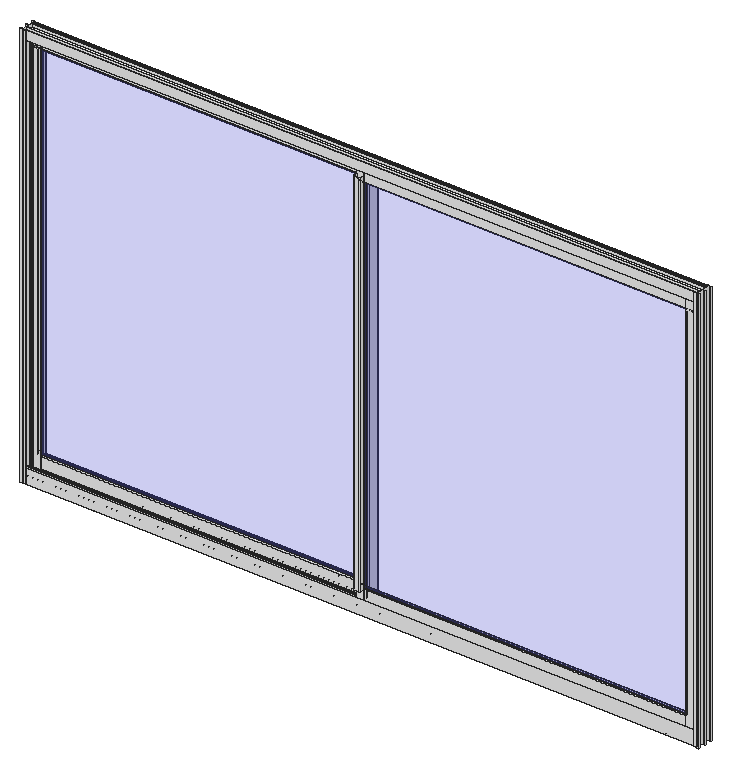
Revit family "Elite_Sliding_Window_XX_Standard", category Windows, host Wall, Revit 2014
Parameters (values of type "Elite-3018XX-1000Pa")
  Windload Design = if(Custom Windload < 1001 mm, 1000 mm, if(Custom Windload < 1501 mm, 1500 mm, 2000 mm))  # 1000 mm
  Width Sash Right [instance] = 1497.9 mm
  Width Sash Left [instance] = 1497.9 mm
  Width = if(Custom Window Width < Limit Window Width Min, Limit Window Width Min, if(Custom Window Width > Limit Window Width Max, Limit Window Width Max, Custom Window Width))  # 2990 mm
  Wall Thickness [instance] = 200 mm
  URL = "http://www.crealco.co.za/crealco-products.php"
  Thermal Resistance (R) [instance] = if(IGDB or SAGDB Number = 1000015, 1.0000 (m²·K)/W / Clearvue U Value, if(IGDB or SAGDB Number = 9922, 1.0000 (m²·K)/W / Energy Advantage U Value, if(IGDB or SAGDB Number = 100100, 1.0000 (m²·K)/W / Intruderprufe U Value, if(IGDB or SAGDB Number = 103200, 1.0000 (m²·K)/W / Intruderprufe LowE U Value, 1.0000 (m²·K)/W / 7.9)))) * 1  # 0.126582 (m²·K)/W
  Standard Interlocker = not(Inside Heavy Duty Interlocker)  # no
  Solar Heat Gain Coefficient [instance] = if(IGDB or SAGDB Number = 1000015, Clearvue SHGC Value, if(IGDB or SAGDB Number = 9922, Energy Advantage SHGC Value, if(IGDB or SAGDB Number = 100100, Intruderprufe SHGC Value, if(IGDB or SAGDB Number = 103200, Intruderprufe LowE SHGC Value, 0))))  # 0
  Sash Width Right = (Width - (2 mm * 12) - Sash Width Left) + 29.8 mm  # 1497.9 mm
  Sash Width Left = if(Equal Sash Width, ((Width - (2 mm * 12)) / 2) + 14.9 mm, if(Custom Sash Width Left < Limit Sash Width Left Min, Limit Sash Width Left Min, if(Custom Sash Width Left > Limit Sash Width Left Max, Limit Sash Width Left Max, Custom Sash Width Left)))  # 1497.9 mm
  Sash Side Spacing = 0.5 mm  # constant formula
  Sash Height = Height - 29 mm - 54 mm  # 1707 mm
  Sash Frame Seal = 2.6 mm  # constant formula
  Rough Width = 2.5 mm
  Overall Width [instance] = 2990 mm
  Overall Height [instance] = 1790 mm
  Outside Heavy Duty Interlocker = if(Interlocker Configuration = 2 mm, 1 = 1, 1 = 0)  # yes
  Model = "Elite"  # constant formula
  Max Pane Area = if(Area Right Sash Glazing > Area Left Sash Glazing, Area Right Sash Glazing, Area Left Sash Glazing)  # 2.31898 m²
  Manufacturer = "Crealco"  # constant formula
  Limit Window Width Min = (2 * Limit Sash Width Min) + (2 mm * 12) - 29.8 mm  # 594.2 mm
  Limit Window Width Max = if(Windload Design = 1000 mm, (2 * Limit Sash Width Max) + (2 mm * 12) - 29.8 mm, if(Windload Design = 1500 mm, if(Custom Window Height > 1490 mm, 1490 mm, (2 * Limit Sash Width Max) + (2 mm * 12) - 29.8 mm), if(Custom Window Height > 1490 mm, 890 mm, (2 * Limit Sash Width Max) + (2 mm * 12) - 29.8 mm)))  # 2994.2 mm
  Limit Window Height Min = Limit Sash Height Min + (29 mm + 54 mm)  # 383 mm
  Limit Window Height Max = if(Windload Design = 1000 mm, Limit Sash Height Max + (29 mm + 54 mm), if(Windload Design = 1500 mm, if(and(Custom Window Width > 1490 mm, Custom Window Height > 1490 mm), 1490 mm, Limit Sash Height Max + (29 mm + 54 mm)), if(and(Custom Window Width > 890 mm, Custom Window Height > 1490 mm), 1490 mm, Limit Sash Height Max + (29 mm + 54 mm))))  # 1883 mm
  Limit Sash Width Min = 300 mm  # constant formula
  Limit Sash Width Max = 1500 mm  # constant formula
  Limit Sash Width Left Min = if(Width - (2 mm * 12) - Limit Sash Width Max + 29.8 mm < Limit Sash Width Min, Limit Sash Width Min, Width - (2 mm * 12) - Limit Sash Width Max + 29.8 mm)  # 1495.8 mm
  Limit Sash Width Left Max = if(Width - (2 mm * 12) - Limit Sash Width Min + 29.8 mm > Limit Sash Width Max, Limit Sash Width Max, Width - (2 mm * 12) - Limit Sash Width Min + 29.8 mm)  # 1500 mm
  Limit Sash Height Min = 300 mm  # constant formula
  Limit Sash Height Max = 1800 mm  # constant formula
  Intruderprufe U Value = 6.21
  Intruderprufe SHGC Value = 0.675
  Intruderprufe LowE U Value = 4.47
  Intruderprufe LowE SHGC Value = 0.592
  Interlocker Configuration = if(Windload Design = 1000 mm, if(or(not(Height > 890 mm), or(and(not(Height > 1190 mm), not(Width > 2690 mm)), and(not(Height > 1490 mm), not(Width > 890 mm)))), 0 mm, if(and(Height > 1490 mm, Width > 1190 mm), 2 mm, 1 mm)), if(Windload Design = 1500 mm, if(or(and(not(Width > 1190 mm), not(Height > 1190 mm)), not(Height > 890 mm)), 0 mm, if(or(and(Width > 1790 mm, Height > 1190 mm), and(Width > 890 mm, Height > 1490 mm)), 2 mm, 1 mm)), if(or(not(Height > 890 mm), and(not(Width > 890 mm), not(Height > 1190 mm))), 0 mm, if(or(Height > 1490 mm, and(Width > 1190 mm, Height > 1190 mm)), 2 mm, 1 mm))))  # 2 mm
  IGDB or SAGDB Number [instance] = 0
  Height Sash [instance] = 1707 mm
  Inside Heavy Duty Interlocker = if(or(Interlocker Configuration = 1 mm, Interlocker Configuration = 2 mm), 1 = 1, 1 = 0)  # yes
  Height = if(Custom Window Height < Limit Window Height Min, Limit Window Height Min, if(Custom Window Height > Limit Window Height Max, Limit Window Height Max, Custom Window Height))  # 1790 mm
  Heat Transfer Coefficient (U) [instance] = if(IGDB or SAGDB Number = 1000015, Clearvue U Value, if(IGDB or SAGDB Number = 9922, Energy Advantage U Value, if(IGDB or SAGDB Number = 100100, Intruderprufe U Value, if(IGDB or SAGDB Number = 103200, Intruderprufe LowE U Value, 7.9)))) * 1.0000 W/(m²·K)  # 7.9000 W/(m²·K)
  Glazing Thickness [instance] = if(IGDB or SAGDB Number = 1000015, 4 mm, if(IGDB or SAGDB Number = 9922, 4 mm, if(IGDB or SAGDB Number = 100100, 6 mm, if(IGDB or SAGDB Number = 103200, 7 mm, if(not(Max Pane Area > 0.75 m²), 4 mm, if(not(Max Pane Area > 1.50 m²), 4 mm, if(not(Max Pane Area > 2.10 m²), 5 mm, if(not(Max Pane Area > 2.90 m²), 6.4 mm, if(not(Max Pane Area > 4.30 m²), 8 mm, 10 mm)))))))))  # 6.4 mm
  Glazing Material [instance] = if(IGDB or SAGDB Number = 1000015, "PFG CLEARVUE 4mm", if(IGDB or SAGDB Number = 9922, "PFG ENERGY ADVANTAGE 4mm LOW-E", if(IGDB or SAGDB Number = 100100, "PFG INTRUDERPRUFE 6.38mm", if(IGDB or SAGDB Number = 103200, "PFG INTRUDERPRUFE LOW-E 7.38mm", "Unknown"))))  # "Unknown"
  Glazing Finish [instance] = Glass
  Glazing Code [instance] = if(IGDB or SAGDB Number = 1000015, "CF4", if(IGDB or SAGDB Number = 9922, "CF4E", if(IGDB or SAGDB Number = 100100, "LAM01", if(IGDB or SAGDB Number = 103200, "LAM01E", "Unknown"))))  # "Unknown"
  Frame Thickness = 70.3 mm  # constant formula
  Frame Offset From Exterior [instance] = if(Centered In Wall, (Wall Thickness - Frame Thickness) / 2, Custom Frame Offset From Exterior)  # 64.85 mm
  Equal Sash Width = yes
  Energy Advantage U Value = 4.6
  Energy Advantage SHGC Value = 0.637
  Description = "Sliding window, XX"  # constant formula
  Default Sill Height = 800 mm
  Wall Closure = By host
  Custom Window Width = 2990 mm
  Custom Window Height = 1790 mm
  Custom Windload = 1000 mm
  Custom Sash Width Left = 600 mm
  Custom Frame Offset From Exterior = 0 mm
  Clearvue U Value = 6.34
  Clearvue SHGC Value = 0.711
  Centered In Wall = yes
  Area Right Sash Glazing = (Sash Width Right - 21 mm - 41 mm) * (Sash Height - (46 mm * 2))  # 2.31898 m²
  Area Left Sash Glazing = (Sash Width Left - 21 mm - 41 mm) * (Sash Height - (46 mm * 2))  # 2.31898 m²
  Aluminium Finish [instance] = White Powder Coated Aluminium ANP 1052
  All Available Glazing Numbers [instance] = "The rows below list the available glazing materials for this window:"  # constant formula
  9922 [instance] = "CF4E"  # constant formula
  103200 [instance] = "LAM01E"  # constant formula
  100100 [instance] = "LAM01"  # constant formula
  1000015 [instance] = "CF4"  # constant formula
Reference planes
  plane 1 "Center (Front/Back)": y = 0
  plane 2 "Center (Left/Right)": x = 0
  plane 3 "Left": x = -1495
  plane 4 "Right": x = 1495
  plane 5 "Sill": z = 800
  plane 6 "Head": z = 2590
  plane 7 "Exterior": y = 100
  plane 8 "Interior": y = -100
Lines and regions (mm)
  Opening 1
    outline origin (3500, -100, 0) x (1, 0, 0) y (0, 0, 1)
      loop
        line (-2005, 800) -> (-2005, 2590) -> (-4995, 2590) -> (-4995, 800) -> (-2005, 800)
Text (mm)
  text "EXTERIOR" at (-1963.203, 1332.353, 0), in view "Ref. Level"
  text "INTERIOR" at (-1981.466, -818.386, 0), in view "Ref. Level"
  text "Exterior" at (0, 923.751, 2943.296), in view "Right"
  text "Exterior" at (0, 1040.484, 2685.409), in view "Left"
Dimensions and locks
  equal spacing: plane 3 "Left", plane 2 "Center (Left/Right)", plane 4 "Right"
  "Width": plane 3 "Left" to plane 4 "Right"
  "Height": plane 5 "Sill" to plane 6 "Head"
  "Default Sill Height": plane 5 "Sill" to level
  locked: plane 7 "Exterior" to host wall at 0
  locked: plane 8 "Interior" to host wall
  "Overall Height": plane 6 "Head" to plane 5 "Sill"
  "Overall Width": plane 3 "Left" to plane 4 "Right"
  locked: host wall to nested 1 at 35.15
  "Sash Frame Seal": nested 1 to nested 2
  "Sash Frame Seal": nested 1 to nested 3
  "Sash Side Spacing": nested 1 to nested 3
  "Sash Side Spacing": nested 2 to nested 1
  "Width Sash Left": nested 2 to nested 2
  "Height Sash": nested 2 to nested 2
  "Width Sash Right": nested 3 to nested 3
  "Wall Thickness": host wall to host wall
  aligned and locked: nested 1 to plane 6 "Head"
  aligned and locked: nested 1 to plane 3 "Left"
  aligned and locked: nested 3 to nested 1
  aligned and locked: nested 2 to nested 1
Automatic sketch dimensions
  plane 3 "Left" to Opening 1 sketch curve = 0 mm
  plane 4 "Right" to Opening 1 sketch curve = 0 mm
  Opening 1 sketch curve to plane 5 "Sill" = 0 mm
  Opening 1 sketch curve to plane 6 "Head" = 0 mm
Nested families
  nested 1: "Elite_Frame_XX_Std" at (1495, -35.15, 800), Profile Material <- "Aluminium Finish", Width <- "Width", Height <- "Height", type "Elite_Frame_XX_Std"
    with Width 2990 mm, Profile Material White Powder Coated Aluminium ANP 1052, Length Jamb 1790 mm, Length Head & Sill 2967 mm, Height 1790 mm
  nested 2: "Elite_Sash_Inner_XX_Std" at (1483, -30.5, 854), Profile Material <- "Aluminium Finish", Glazing Material <- "Glazing Finish", Sash Width <- "Sash Width Left", Sash Height <- "Sash Height", Glazing Thickness <- "Glazing Thickness", Is Heavy Duty Interlocker <- "Inside Heavy Duty Interlocker", type "Elite_Sash_Inner_XX_Std"
    with Sash Width 1497.9 mm, Sash Height 1707 mm, Right Sliding yes, Profile Material White Powder Coated Aluminium ANP 1052, Length Sash Head & Sill 1481.9 mm, Length Arrow Tip 141.141 mm, Length Arrow 465.767 mm, Left Sliding no, Is Standard Interlocker no, Is Sliding yes, Is Heavy Duty Interlocker yes, Glazing Width 1435.9 mm, Glazing Thickness 6.4 mm, Glazing Start -3.2 mm, Glazing Material Glass, Glazing Height 1615 mm, Glazing Frame Side Gap 1.8 mm, Glazing End 3.2 mm, Arrow Tip Length 141.141 mm, Arrow Left Gap 485.067 mm, Arrow Bottom Gap 807.5 mm
  nested 3: "Elite_Sash_Outer_XX_Std" at (-1483, 30.2, 854) x (-1, 0, 0) z (0, 0, 1), Profile Material <- "Aluminium Finish", Glazing Material <- "Glazing Finish", Glazing Thickness <- "Glazing Thickness", Sash Width <- "Sash Width Right", Sash Height <- "Sash Height", Is Heavy Duty Interlocker <- "Outside Heavy Duty Interlocker", type "Elite_Sash_Outer_XX_Std"
    with Sash Width 1497.9 mm, Sash Height 1707 mm, Right Sliding yes, Profile Material White Powder Coated Aluminium ANP 1052, Length Sash Head & Sill 1481.9 mm, Length Arrow Tip 141.141 mm, Length Arrow 465.767 mm, Left Sliding no, Is Standard Interlocker no, Is Sliding yes, Is Heavy Duty Interlocker yes, Glazing Width 1435.9 mm, Glazing Thickness 6.4 mm, Glazing Start -3.2 mm, Glazing Material Glass, Glazing Height 1615 mm, Glazing Frame Side Gap 1.8 mm, Glazing End 3.2 mm, Arrow Tip Length 141.141 mm, Arrow Left Gap 485.067 mm, Arrow Bottom Gap 807.5 mm
Definition of nested family "Elite_Frame_XX_Std"
  Parameters (values of type "Elite_Frame_OX_XX")
    Width [instance] = 900 mm
    Profile Material [instance] = none
    Length Jamb [instance] = Height  # 900 mm
    Length Head & Sill [instance] = Width - 2 * 11.5 mm  # 877 mm
    Height [instance] = 900 mm
  Reference planes
    plane 1 "Center (Front/Back)": y = 0
    plane 2: z = 0
    plane 3 "Center (Left/Right)": x = 0
  Dimensions and locks
    aligned and locked: level to plane 2
    aligned and locked: nested 2 to plane 2
    aligned and locked: plane 3 "Center (Left/Right)" to nested 2
    aligned and locked: plane 1 "Center (Front/Back)" to nested 2
    aligned and locked: nested 1 to nested 2  (x2)
    aligned and locked: nested 2 to nested 3
    aligned and locked: nested 2 to nested 1
    aligned and locked: nested 4 to plane 1 "Center (Front/Back)"
    aligned and locked: nested 4 to nested 1
    aligned and locked: plane 2 to nested 4
    aligned and locked: nested 3 to nested 2
    aligned and locked: nested 3 to nested 4
  Nested families
    nested 1: "Elite_Frame_Sill" at (-11.5, 68.5, 0) x (-1, 0, 0) z (0, 0, 1), Profile Material <- "Profile Material", Length Frame Sill <- "Length Head & Sill", type "Elite_Frame_Sill"
      with Profile Material none, Length Frame Sill 877 mm
    nested 2: "Elite_Frame_Jamb_Mirror" at (-24.5, 70.3, 0) x (0, -1, 0) z (0, 0, 1), Profile Material <- "Profile Material", Length Frame Jamb <- "Length Jamb", type "Elite_Frame_Jamb_Mirror"
      with Profile Material none, Length Frame Jamb 900 mm
    nested 3: "Elite_Frame_Head" at (-888.5, 1.5, 759.46), Profile Material <- "Profile Material", Length Frame Head <- "Length Head & Sill", type "Elite_Frame_Head"
      with Profile Material none, Length Frame Head 877 mm
    nested 4: "Elite_Frame_Jamb" at (-875.5, 70.3, 0) x (0, -1, 0) z (0, 0, 1), Profile Material <- "Profile Material", Length Frame Jamb <- "Length Jamb", type "Elite_Frame_Jamb"
      with Profile Material none, Length Frame Jamb 900 mm
  Definition of nested family "Elite_Frame_Sill"
    Parameters (values of type "Elite_Frame_Sill")
      Profile Material [instance] = none
      Length Frame Sill [instance] = 250 mm
    Reference planes
      plane 1 "Center (Front/Back)": y = 0
      plane 2: z = 0
      plane 3 "Center (Left/Right)": x = 0
    Forms (mm)
      Extrusion 1, solid, material <- "Profile Material"
        sketch origin (0, 0, 0) x (0, 1, 0) y (0, 0, 1)
          loop
            line (20.5, 61.807) -> (15.922, 62.99) -> (11.5, 61.805) -> (11.5, 54) -> (12.9, 54) -> (12.9, 60.734) -> (16.078, 61.54) -> (19.1, 60.731) -> (19.1, 37) -> (12.88, 36.997) -> (0, 35.262) -> (0, 11.5) -> (1.4, 11.5) -> (1.4, 15) -> (12, 15) -> (12, 0) -> (17, 0) -> (17, 1) -> (13.4, 1) -> (13.4, 5) -> (17, 5) -> (17, 6) -> (13.4, 6) -> (13.4, 18.532) -> (65.6, 20.009) -> (65.6, 6) -> (62, 6) -> (62, 5) -> (65.6, 5) -> (65.6, 1) -> (62, 1) -> (62, 0) -> (67, 0) -> (67, 63) -> (65.6, 63) -> (65.6, 37) -> (55.5, 37) -> (55.5, 61.807) -> (50.922, 62.99) -> (46.5, 61.805) -> (46.5, 54) -> (47.9, 54) -> (47.9, 60.734) -> (51.078, 61.54) -> (54.1, 60.731) -> (54.1, 37) -> (20.5, 37) -> (20.5, 61.807)
          loop
            line (65.6, 35.6) -> (12.994, 35.6) -> (1.4, 34.038) -> (1.4, 16.4) -> (12, 16.4) -> (12, 19.893) -> (65.6, 21.409) -> (65.6, 35.6)
        from 0 to 250 <- "Length Frame Sill"
    Dimensions and locks
      aligned and locked: level to plane 2
  Definition of nested family "Elite_Frame_Jamb_Mirror"
    Parameters (values of type "Elite_Frame_Jamb_Mirror")
      Void Spacing Top = 13 mm  # constant formula
      Void Spacing Bottom = 38 mm  # constant formula
      Void Cut Length = 13 mm  # constant formula
      Profile Material [instance] = none
      Length Frame Jamb [instance] = 250 mm
    Reference planes
      plane 1 "Center (Front/Back)": y = 0
      plane 2: z = 0
      plane 3 "Center (Left/Right)": x = 0
    Forms (mm)
      Extrusion 1, solid, material <- "Profile Material"
        sketch origin (-5.594, -3.252, 0) x (1, 0, 0) y (0, 1, 0)
          loop
            line (74.394, 26.252) -> (74.394, 17.752) -> (41.394, 17.752) -> (41.394, 27.752) -> (40.094, 27.752) -> (40.094, 17.752) -> (7.094, 17.752) -> (7.094, 26.252) -> (12.594, 26.252) -> (12.594, 27.752) -> (5.594, 27.752) -> (5.594, 3.252) -> (7.094, 3.252) -> (7.094, 16.252) -> (49.743, 16.252) -> (49.743, 10.75) -> (52.03, 3.252) -> (53.599, 3.252) -> (50.994, 11.791) -> (50.994, 16.252) -> (65.494, 16.252) -> (65.494, 11.791) -> (62.888, 3.252) -> (64.457, 3.252) -> (66.744, 10.793) -> (66.744, 16.252) -> (74.394, 16.252) -> (74.394, 3.252) -> (75.894, 3.252) -> (75.894, 27.752) -> (68.894, 27.752) -> (68.894, 26.252) -> (74.394, 26.252)
        from 0 to 250 <- "Length Frame Jamb"
      Extrusion 2, void
        sketch origin (70.3, 0, 0) x (1, 0, 0) y (0, 0, -1)
          loop
            line (-26.151, -237) -> (-26.151, -250) -> (-9.15, -250) -> (-9.15, -237) -> (-26.151, -237)
          loop
            line (-26.151, -38) -> (-9.15, -38) -> (-9.15, 0) -> (-26.151, 0) -> (-26.151, -38)
        from 0 to 13 <- "Void Cut Length"
    Cuts and joins
      Extrusion 2 cuts Extrusion 1
    Dimensions and locks
      "Void Spacing Top": Extrusion 2 sketch curve to Extrusion 2 sketch curve
      "Void Spacing Bottom": Extrusion 2 sketch curve to Extrusion 2 sketch curve
      aligned and locked: level to plane 2
      aligned and locked: Extrusion 1 to Extrusion 2 sketch curve  (x2)
      aligned and locked: Extrusion 2 sketch curve to Extrusion 1
      aligned and locked: Extrusion 2 sketch curve to cut or joined group of Extrusion 1, Extrusion 2  (x3)
    Automatic sketch dimensions
      Extrusion 1 sketch curve to plane 3 "Center (Left/Right)" = 0 mm
      plane 1 "Center (Front/Back)" to Extrusion 1 sketch curve = 0 mm  (x4)
      plane 3 "Center (Left/Right)" to Extrusion 1 sketch curve = 1.5 mm  (x2)
      Extrusion 1 sketch curve to Extrusion 1 sketch curve = 5.5 mm  (x2)
      Extrusion 1 sketch curve to Extrusion 1 sketch curve = 27.5 mm
      Extrusion 1 sketch curve to Extrusion 1 sketch curve = 1.3 mm
      Extrusion 1 sketch curve to Extrusion 1 sketch curve = 8.349 mm
      Extrusion 1 sketch curve to Extrusion 1 sketch curve = 1.251 mm
      Extrusion 1 sketch curve to Extrusion 1 sketch curve = 2.288 mm
      Extrusion 1 sketch curve to Extrusion 1 sketch curve = 1.568 mm
      Extrusion 1 sketch curve to Extrusion 1 sketch curve = 9.29 mm
      Extrusion 1 sketch curve to Extrusion 1 sketch curve = 1.569 mm
      Extrusion 1 sketch curve to Extrusion 1 sketch curve = 1.037 mm
      Extrusion 1 sketch curve to Extrusion 1 sketch curve = 1.25 mm
      Extrusion 1 sketch curve to Extrusion 1 sketch curve = 2.15 mm
      Extrusion 1 sketch curve to Extrusion 1 sketch curve = 0 mm  (x3)
      Extrusion 1 sketch curve to Extrusion 1 sketch curve = 1.5 mm  (x5)
      Extrusion 1 sketch curve to plane 1 "Center (Front/Back)" = 7.498 mm
      Extrusion 1 sketch curve to plane 1 "Center (Front/Back)" = 7.54 mm
      Extrusion 1 sketch curve to Extrusion 1 sketch curve = 0.998 mm
      Extrusion 1 sketch curve to Extrusion 1 sketch curve = 1.041 mm
      Extrusion 1 sketch curve to Extrusion 1 sketch curve = 4.461 mm
      Extrusion 1 sketch curve to Extrusion 1 sketch curve = 8.5 mm  (x2)
      Extrusion 1 sketch curve to Extrusion 1 sketch curve = 10 mm
  Definition of nested family "Elite_Frame_Head"
    Parameters (values of type "Elite_Frame_Head")
      Profile Material [instance] = none
      Length Frame Head [instance] = 250 mm
    Reference planes
      plane 1 "Center (Front/Back)": y = 0
      plane 2: z = 0
      plane 3 "Center (Left/Right)": x = 0
    Forms (mm)
      Extrusion 1, solid, material <- "Profile Material"
        sketch origin (0, 0, 0) x (0, 1, 0) y (0, 0, 1)
          loop
            line (11.5, 102.54) -> (20.5, 102.54) -> (20.5, 111.54) -> (19.1, 111.54) -> (19.1, 103.94) -> (12.9, 103.94) -> (12.9, 128.64) -> (54.1, 128.64) -> (54.1, 103.94) -> (47.9, 103.94) -> (47.9, 111.54) -> (46.5, 111.54) -> (46.5, 102.54) -> (55.5, 102.54) -> (55.5, 128.64) -> (65.5, 128.64) -> (65.5, 102.54) -> (67, 102.54) -> (67, 140.54) -> (61.65, 140.54) -> (61.65, 139.14) -> (65.5, 139.14) -> (65.5, 130.04) -> (49.298, 130.04) -> (49.298, 140.54) -> (47.9, 140.54) -> (47.9, 130.04) -> (19.1, 130.04) -> (19.1, 140.54) -> (17.7, 140.54) -> (17.7, 130.04) -> (1.5, 130.04) -> (1.5, 139.14) -> (5.35, 139.14) -> (5.35, 140.54) -> (0, 140.54) -> (0, 102.54) -> (1.5, 102.54) -> (1.5, 128.64) -> (11.5, 128.64) -> (11.5, 102.54)
        from 0 to 250 <- "Length Frame Head"
    Dimensions and locks
      aligned and locked: level to plane 2
  Definition of nested family "Elite_Frame_Jamb"
    Parameters (values of type "Elite_Frame_Jamb")
      Void Spacing Top = 13 mm  # constant formula
      Void Spacing Bottom = 38 mm  # constant formula
      Void Cut Length = 13 mm  # constant formula
      Profile Material [instance] = none
      Length Frame Jamb [instance] = 250 mm
    Reference planes
      plane 1 "Center (Front/Back)": y = 0
      plane 2: z = 0
      plane 3 "Center (Left/Right)": x = 0
    Forms (mm)
      Extrusion 1, solid, material <- "Profile Material"
        sketch origin (-5.594, -3.252, 0) x (1, 0, 0) y (0, 1, 0)
          loop
            line (7.094, 26.252) -> (12.594, 26.252) -> (12.594, 27.752) -> (5.594, 27.752) -> (5.594, 3.252) -> (7.094, 3.252) -> (7.094, 16.252) -> (14.744, 16.252) -> (14.744, 10.793) -> (17.03, 3.252) -> (18.599, 3.252) -> (15.994, 11.791) -> (15.994, 16.252) -> (30.494, 16.252) -> (30.494, 11.791) -> (27.888, 3.252) -> (29.457, 3.252) -> (31.744, 10.75) -> (31.744, 16.252) -> (74.394, 16.252) -> (74.394, 3.252) -> (75.894, 3.252) -> (75.894, 27.752) -> (68.894, 27.752) -> (68.894, 26.252) -> (74.394, 26.252) -> (74.394, 17.752) -> (41.394, 17.752) -> (41.394, 27.752) -> (40.094, 27.752) -> (40.094, 17.752) -> (7.094, 17.752) -> (7.094, 26.252)
        from 0 to 250 <- "Length Frame Jamb"
      Extrusion 2, void
        sketch origin (68.8, 0, 0) x (-1, 0, 0) y (0, 0, 1)
          loop
            line (59.65, 250) -> (42.649, 250) -> (42.649, 237) -> (59.65, 237) -> (59.65, 250)
          loop
            line (42.649, 0) -> (59.65, 0) -> (59.65, 38) -> (42.649, 38) -> (42.649, 0)
        from 0 to 13 <- "Void Cut Length"
    Cuts and joins
      Extrusion 2 cuts Extrusion 1
    Dimensions and locks
      "Void Spacing Bottom": Extrusion 2 sketch curve to Extrusion 2 sketch curve
      "Void Spacing Top": Extrusion 2 sketch curve to Extrusion 2 sketch curve
      aligned and locked: level to plane 2
      aligned and locked: Extrusion 2 sketch curve to Extrusion 1  (x6)
    Automatic sketch dimensions
      plane 1 "Center (Front/Back)" to Extrusion 1 sketch curve = 0 mm  (x4)
      Extrusion 1 sketch curve to plane 3 "Center (Left/Right)" = 0 mm
      plane 3 "Center (Left/Right)" to Extrusion 1 sketch curve = 1.5 mm  (x2)
      Extrusion 1 sketch curve to Extrusion 1 sketch curve = 5.5 mm  (x2)
      Extrusion 1 sketch curve to Extrusion 1 sketch curve = 7.65 mm
      Extrusion 1 sketch curve to Extrusion 1 sketch curve = 1.25 mm
      Extrusion 1 sketch curve to Extrusion 1 sketch curve = 2.287 mm
      Extrusion 1 sketch curve to Extrusion 1 sketch curve = 1.569 mm
      Extrusion 1 sketch curve to Extrusion 1 sketch curve = 9.29 mm
      Extrusion 1 sketch curve to Extrusion 1 sketch curve = 1.568 mm
      Extrusion 1 sketch curve to Extrusion 1 sketch curve = 1.037 mm
      Extrusion 1 sketch curve to plane 1 "Center (Front/Back)" = 7.498 mm
      Extrusion 1 sketch curve to Extrusion 1 sketch curve = 1.251 mm
      Extrusion 1 sketch curve to Extrusion 1 sketch curve = 8.349 mm
      Extrusion 1 sketch curve to Extrusion 1 sketch curve = 1.3 mm
      Extrusion 1 sketch curve to Extrusion 1 sketch curve = 27.5 mm
      Extrusion 1 sketch curve to Extrusion 1 sketch curve = 0 mm  (x3)
      Extrusion 1 sketch curve to Extrusion 1 sketch curve = 1.5 mm  (x5)
      Extrusion 1 sketch curve to plane 1 "Center (Front/Back)" = 7.54 mm
      Extrusion 1 sketch curve to Extrusion 1 sketch curve = 0.998 mm
      Extrusion 1 sketch curve to Extrusion 1 sketch curve = 1.041 mm
      Extrusion 1 sketch curve to Extrusion 1 sketch curve = 4.461 mm
      Extrusion 1 sketch curve to Extrusion 1 sketch curve = 8.5 mm  (x2)
      Extrusion 1 sketch curve to Extrusion 1 sketch curve = 10 mm
Definition of nested family "Elite_Sash_Inner_XX_Std"
  Parameters (values of type "Elit_Sash_Inner")
    Top&Bottom Side Spacing = 14.5 mm  # constant formula
    Sash Width [instance] = 1500 mm
    Sash Height [instance] = 1200 mm
    Right Sliding [instance] = yes
    Profile Material [instance] = White Powder Coated Aluminium ANP 1052
    Overlap Gap = 1.4 mm  # constant formula
    Middle of Glazing = 13 mm  # constant formula
    Length Sash Head & Sill [instance] = Sash Width - 14.5 mm - 1.5 mm  # 1484 mm
    Length Arrow Tip [instance] = Length Arrow / 3.3  # 141.354 mm
    Length Arrow [instance] = (Sash Width - (2 * 50.3 mm)) / 3  # 466.467 mm
    Left Sliding [instance] = yes
    Is Standard Interlocker [instance] = not(Is Heavy Duty Interlocker)  # no
    Is Sliding [instance] = if(or(Right Sliding, Left Sliding), 1 = 1, 1 = 2)  # yes
    Is Heavy Duty Interlocker [instance] = yes
    Glazing Width [instance] = Sash Width - 21 mm - 41 mm  # 1438 mm
    Glazing Thickness [instance] = 6.4 mm
    Glazing Start [instance] = -Glazing Thickness / 2  # -3.2 mm
    Glazing Side Spacing = 41 mm  # constant formula
    Glazing Profile Gap = 459.05 mm
    Glazing Material [instance] = Glass
    Glazing Height [instance] = Sash Height - (46 mm * 2)  # 1108 mm
    Glazing Frame Side Gap [instance] = (10 mm - Glazing Thickness) / 2  # 1.8 mm
    Glazing Frame Gap = 5 mm  # constant formula
    Glazing End [instance] = Glazing Thickness / 2  # 3.2 mm
    Glazing Edge Interlocker Gap = 17 mm  # constant formula
    Glazing Edge Bottom and Top Gap = 46 mm  # constant formula
    Arrow Tip Length [instance] = if((Sash Height - (2 * 50.3 mm)) / 8 > Length Arrow / 3.3, Length Arrow / 3.3, (Sash Height - (2 * 50.3 mm)) / 8)  # 137.425 mm
    Arrow Tip Angle = 45.00°
    Arrow Left Gap [instance] = (Sash Width - 21 mm - 41 mm - Length Arrow) / 2  # 485.767 mm
    Arrow Bottom Gap [instance] = Sash Height / 2 - 46 mm  # 554 mm
    1.5 Spacing = 1.5 mm  # constant formula
  Reference planes
    plane 1 "Center (Front/Back)": y = 0
    plane 2: z = 0
    plane 3 "Center (Left/Right)": x = 0
    plane 4: y = -13
  Forms (mm)
    Extrusion 1, solid, material "Glass" <- "Glazing Material"
      sketch origin (-1492.688, -13, 1709.9) x (-1, 0, 0) y (0, 0, 1)
        loop
          line (-13.688, -555.9) -> (-1451.688, -555.9) -> (-1451.688, -1663.9) -> (-13.688, -1663.9) -> (-13.688, -555.9)
      from -3.2 <- "Glazing Start" to 3.2 <- "Glazing End"
  Lines and regions (mm)
    model lines, visible <- "Is Sliding"
      curve 1: line (-993.233, -16.2, 600) -> (-526.767, -16.2, 600)
    model lines, visible <- "Left Sliding"
      curve 2: line (-526.767, -16.2, 600) -> (-623.941, -16.2, 697.174)
      curve 3: line (-526.767, -16.2, 600) -> (-623.941, -16.2, 502.826)
    model lines, visible <- "Right Sliding"
      curve 4: line (-993.233, -16.2, 600) -> (-893.281, -16.2, 699.952)
      curve 5: line (-993.233, -16.2, 600) -> (-893.281, -16.2, 500.048)
  Dimensions and locks
    "Length Arrow": curve 1 to curve 1
    "Arrow Left Gap": Extrusion 1 to curve 1
    "Arrow Bottom Gap": Extrusion 1 to curve 1
    "Arrow Tip Length": curve 3 to curve 2
    "Arrow Tip Length": curve 3 to curve 3
    "Length Arrow Tip": curve 5 to curve 5
    "Length Arrow Tip": curve 5 to curve 4
    "Middle of Glazing": plane 4 to plane 1 "Center (Front/Back)"
    "Glazing Width": Extrusion 1 to Extrusion 1
    "Glazing Height": Extrusion 1 to Extrusion 1
    "Sash Width": nested 2 to plane 3 "Center (Left/Right)"
    "Glazing Side Spacing": Extrusion 1 to plane 3 "Center (Left/Right)"
    "1.5 Spacing": nested 3 to plane 1 "Center (Front/Back)"
    "Top&Bottom Side Spacing": nested 3 to plane 3 "Center (Left/Right)"
    "Top&Bottom Side Spacing": nested 4 to plane 3 "Center (Left/Right)"
    "1.5 Spacing": nested 4 to plane 1 "Center (Front/Back)"
    "Sash Height": nested 3 to plane 2
    "Glazing Edge Bottom and Top Gap": plane 2 to Extrusion 1
    "Sash Width": nested 5 to plane 3 "Center (Left/Right)"
    "Arrow Tip Angle": angle curve 3 to curve 1
    "Arrow Tip Angle": angle curve 1 to curve 2
    "Arrow Tip Angle": angle curve 4 to curve 1
    "Arrow Tip Angle": angle curve 1 to curve 5
    aligned and locked: level to plane 2
    aligned and locked: plane 3 "Center (Left/Right)" to nested 1
    aligned and locked: nested 1 to plane 2
    aligned and locked: nested 4 to plane 2
    aligned and locked: nested 2 to plane 2
    aligned and locked: nested 2 to plane 1 "Center (Front/Back)"
    aligned and locked: nested 5 to plane 1 "Center (Front/Back)"
    aligned and locked: nested 5 to plane 2
  Automatic sketch dimensions
    Extrusion 1 sketch curve to Extrusion 1 sketch curve = 1108 mm
    level to Extrusion 1 sketch curve = 46 mm
    Extrusion 1 sketch curve to plane 3 "Center (Left/Right)" = 41 mm
    Extrusion 1 sketch curve to Extrusion 1 sketch curve = 1438 mm
  Nested families
    nested 1: "Elite_Lock_Stile" at (0, -26, 0) x (0, 1, 0) z (0, 0, 1), Profile Material <- "Profile Material", Length Lock Stile <- "Sash Height", type "Elite_Lock_Stile"
      with Profile Material White Powder Coated Aluminium ANP 1052, Length Lock Stile 1200 mm
    nested 2: "Elite_Interlocker" at (-1506.667, 6.916, 0) x (0, -1, 0) z (0, 0, 1), Profile Material <- "Profile Material", Length Interlocker <- "Sash Height", visible <- "Is Standard Interlocker", type "Elite_Interlocker"
      with Profile Material White Powder Coated Aluminium ANP 1052, Length Interlocker 1200 mm
    nested 3: "Elite_Sash_Top" at (-1498.5, -24.2, 1052), Profile Material <- "Profile Material", Length Sash Top <- "Length Sash Head & Sill", type "Elite_Sash_Top"
      with Profile Material White Powder Coated Aluminium ANP 1052, Length Sash Top 1484 mm
    nested 4: "Elite_Sash_Bottom" at (-1498.5, -24.2, 0), Profile Material <- "Profile Material", Length Sash Bottom <- "Length Sash Head & Sill", type "Elite_Sash_Bottom"
      with Profile Material White Powder Coated Aluminium ANP 1052, Length Sash Bottom 1484 mm
    nested 5: "Elite_Heavy_Duty_Interlocker_Inside" at (-1500, 20, 0) x (0, -1, 0) z (0, 0, 1), Length Heavy Duty Interlocker <- "Sash Height", Profile Material <- "Profile Material", visible <- "Is Heavy Duty Interlocker", type "Elite_Heavy_Duty_Interlocker_Inside"
      with Profile Material White Powder Coated Aluminium ANP 1052, Length Heavy Duty Interlocker 1200 mm
  Definition of nested family "Elite_Lock_Stile"
    Parameters (values of type "Elite_Lock_Stile")
      Width Rail Cut = 13 mm  # constant formula
      Side Gap Rail Cut = 5 mm  # constant formula
      Profile Material [instance] = none
      Length Lock Stile [instance] = 250 mm
      Height Rail Cut = 26 mm  # constant formula
      Height Large Cut = 55 mm  # constant formula
    Reference planes
      plane 1 "Center (Front/Back)": y = 0
      plane 2: z = 0
      plane 3 "Center (Left/Right)": x = 0
    Forms (mm)
      Extrusion 1, solid, material <- "Profile Material"
        sketch origin (0, 0, 0) x (1, 0, 0) y (0, 1, 0)
          loop
            line (0, 0) -> (3.5, 0) -> (3.5, 2.4) -> (2.5, 2.4) -> (2.5, 1.2) -> (1.2, 1.2) -> (1.2, 8.8) -> (2.5, 8.8) -> (2.5, 7.6) -> (3.5, 7.6) -> (3.5, 10) -> (1.5, 10) -> (1.5, 13) -> (24.5, 13) -> (24.5, 10) -> (22.5, 10) -> (22.5, 7.6) -> (23.5, 7.6) -> (23.5, 8.8) -> (24.8, 8.8) -> (24.8, 1.2) -> (23.5, 1.2) -> (23.5, 2.4) -> (22.5, 2.4) -> (22.5, 0) -> (26, 0) -> (26, 49.8) -> (24.5, 49.8) -> (24.5, 49) -> (18, 49) -> (18, 43) -> (19.5, 43) -> (19.5, 47.5) -> (24.5, 47.5) -> (24.5, 36) -> (1.5, 36) -> (1.5, 47.5) -> (6.5, 47.5) -> (6.5, 43) -> (8, 43) -> (8, 49) -> (1.5, 49) -> (1.5, 49.8) -> (0, 49.8) -> (0, 0)
          loop
            line (1.5, 14.5) -> (24.5, 14.5) -> (24.5, 34.5) -> (13, 34.5) -> (1.5, 34.5) -> (1.5, 14.5)
        from 0 to 250 <- "Length Lock Stile"
      Extrusion 2, void
        sketch origin (24.4, 49, 0) x (1, 0, 0) y (0, 0, 1)
          loop
            line (0.1, 250) -> (-22.9, 250) -> (-22.9, 195) -> (0.1, 195) -> (0.1, 250)
          loop
            line (-22.9, 0) -> (0.1, 0) -> (0.1, 55) -> (-22.9, 55) -> (-22.9, 0)
        from 0 to 25
      Extrusion 3, void
        sketch origin (13, 14.5, 0) x (1, 0, 0) y (0, 0, 1)
          loop
            line (6.5, 250) -> (-6.5, 250) -> (-6.5, 224) -> (6.5, 224) -> (6.5, 250)
          loop
            line (6.5, 0) -> (6.5, 26) -> (-6.5, 26) -> (-6.5, 0) -> (6.5, 0)
        from 0 to 250
    Cuts and joins
      Extrusion 2, Extrusion 3 cuts Extrusion 1
    Dimensions and locks
      "Height Large Cut": Extrusion 2 sketch curve to Extrusion 2 sketch curve  (x2)
      "Height Rail Cut": Extrusion 3 sketch curve to Extrusion 3 sketch curve  (x2)
      "Width Rail Cut": Extrusion 3 sketch curve to Extrusion 3 sketch curve  (x2)
      "Side Gap Rail Cut": Extrusion 3 sketch curve to cut or joined group of Extrusion 1, Extrusion 2, Extrusion 3  (x2)
      aligned and locked: level to plane 2
      aligned and locked: Extrusion 1 to Extrusion 2 sketch curve  (x2)
      aligned and locked: Extrusion 2 sketch curve to Extrusion 1  (x4)
      aligned and locked: Extrusion 3 sketch curve to cut or joined group of Extrusion 1, Extrusion 2, Extrusion 3
      aligned and locked: cut or joined group of Extrusion 1, Extrusion 2, Extrusion 3 to Extrusion 3 sketch curve
    Automatic sketch dimensions
      Extrusion 1 sketch curve to plane 3 "Center (Left/Right)" = 0 mm
      plane 1 "Center (Front/Back)" to Extrusion 1 sketch curve = 0 mm  (x2)
      plane 3 "Center (Left/Right)" to Extrusion 1 sketch curve = 1.2 mm
      plane 3 "Center (Left/Right)" to Extrusion 1 sketch curve = 1.5 mm  (x2)
      Extrusion 1 sketch curve to Extrusion 1 sketch curve = 0 mm  (x4)
      Extrusion 1 sketch curve to Extrusion 1 sketch curve = 0.3 mm  (x2)
      Extrusion 1 sketch curve to Extrusion 1 sketch curve = 1.3 mm  (x2)
      Extrusion 1 sketch curve to Extrusion 1 sketch curve = 1 mm  (x4)
      Extrusion 1 sketch curve to Extrusion 1 sketch curve = 5 mm  (x4)
      Extrusion 1 sketch curve to Extrusion 1 sketch curve = 1.5 mm  (x6)
      Extrusion 1 sketch curve to plane 1 "Center (Front/Back)" = 2.4 mm
      Extrusion 1 sketch curve to Extrusion 1 sketch curve = 19 mm
      Extrusion 1 sketch curve to Extrusion 1 sketch curve = 2 mm
      Extrusion 1 sketch curve to Extrusion 1 sketch curve = 1.2 mm  (x6)
      Extrusion 1 sketch curve to plane 1 "Center (Front/Back)" = 1.2 mm  (x2)
      Extrusion 1 sketch curve to Extrusion 1 sketch curve = 5.2 mm  (x2)
      Extrusion 1 sketch curve to Extrusion 1 sketch curve = 3 mm
      Extrusion 1 sketch curve to Extrusion 1 sketch curve = 20 mm
      Extrusion 1 sketch curve to Extrusion 1 sketch curve = 7 mm  (x2)
      Extrusion 1 sketch curve to Extrusion 1 sketch curve = 4.5 mm  (x2)
      Extrusion 1 sketch curve to Extrusion 1 sketch curve = 0.8 mm  (x2)
  Definition of nested family "Elite_Interlocker"
    Parameters (values of type "Elite_Interlocker")
      Rail Cut Width = 13 mm  # constant formula
      Rail Cut Side Spacing = 5 mm  # constant formula
      Rail Cut Height = 26 mm  # constant formula
      Profile Material [instance] = none
      Length Interlocker [instance] = 250 mm
      Large Cut Height = 55 mm  # constant formula
    Reference planes
      plane 1 "Center (Front/Back)": y = 0
      plane 2: z = 0
      plane 3 "Center (Left/Right)": x = 0
    Forms (mm)
      Extrusion 1, solid, material <- "Profile Material"
        sketch origin (0, 0, 0) x (1, 0, 0) y (0, 1, 0)
          loop
            line (6.916, 36.467) -> (6.916, 6.667) -> (39.416, 6.667) -> (39.416, 9.551) -> (38.416, 9.551) -> (38.416, 8.167) -> (37.116, 8.167) -> (37.116, 9.551) -> (36.116, 9.551) -> (36.116, 8.167) -> (32.916, 8.167) -> (32.916, 15.167) -> (36.116, 15.167) -> (36.116, 13.78) -> (37.116, 13.78) -> (37.116, 15.167) -> (38.416, 15.167) -> (38.416, 13.78) -> (39.416, 13.78) -> (39.416, 25.167)
            arc (39.416, 25.167) -> (38.973, 25.663) -> (38.429, 25.28) r 0.5
            line (38.429, 25.28) -> (36.426, 16.667) -> (32.916, 16.667) -> (32.916, 36.467) -> (31.416, 36.467) -> (31.416, 35.667) -> (24.916, 35.667) -> (24.916, 29.667) -> (26.416, 29.667) -> (26.416, 34.167) -> (31.416, 34.167) -> (31.416, 22.667) -> (19.916, 22.667) -> (8.416, 22.667) -> (8.416, 34.167) -> (13.416, 34.167) -> (13.416, 29.667) -> (14.916, 29.667) -> (14.916, 35.667) -> (8.416, 35.667) -> (8.416, 36.467) -> (6.916, 36.467)
          loop
            line (8.416, 21.167) -> (8.416, 8.167) -> (31.416, 8.167) -> (31.416, 21.167) -> (19.916, 21.167) -> (8.416, 21.167)
        from 0 to 250 <- "Length Interlocker"
      Extrusion 2, void
        sketch origin (14.616, 35.667, 0) x (1, 0, 0) y (0, 0, 1)
          loop
            line (11.8, 250) -> (-1.2, 250) -> (-1.2, 224) -> (11.8, 224) -> (11.8, 250)
          loop
            line (-1.2, 0) -> (11.8, 0) -> (11.8, 26) -> (-1.2, 26) -> (-1.2, 0)
        from 0 to 250
      Extrusion 3, void
        sketch origin (31.316, 35.667, 0) x (1, 0, 0) y (0, 0, 1)
          loop
            line (0.1, 250) -> (-22.9, 250) -> (-22.9, 195) -> (0.1, 195) -> (0.1, 250)
          loop
            line (-22.9, 0) -> (0.1, 0) -> (0.1, 55) -> (-22.9, 55) -> (-22.9, 0)
        from 0 to 25
    Cuts and joins
      Extrusion 2, Extrusion 3 cuts Extrusion 1
    Dimensions and locks
      "Rail Cut Width": Extrusion 2 sketch curve to Extrusion 2 sketch curve  (x2)
      "Rail Cut Side Spacing": Extrusion 2 sketch curve to Extrusion 1  (x2)
      "Rail Cut Height": Extrusion 2 sketch curve to Extrusion 2 sketch curve  (x2)
      "Large Cut Height": Extrusion 3 sketch curve to Extrusion 3 sketch curve  (x2)
      aligned and locked: level to plane 2
      aligned and locked: Extrusion 1 to Extrusion 2 sketch curve  (x2)
      aligned and locked: Extrusion 3 sketch curve to cut or joined group of Extrusion 1, Extrusion 2, Extrusion 3  (x4)
      aligned and locked: cut or joined group of Extrusion 1, Extrusion 2, Extrusion 3 to Extrusion 3 sketch curve  (x2)
    Automatic sketch dimensions
      plane 3 "Center (Left/Right)" to Extrusion 1 sketch curve = 6.916 mm
      plane 3 "Center (Left/Right)" to Extrusion 1 sketch curve = 8.416 mm
      Extrusion 1 sketch curve to Extrusion 1 sketch curve = 1.5 mm  (x11)
      Extrusion 1 sketch curve to Extrusion 1 sketch curve = 0 mm  (x6)
      Extrusion 1 sketch curve to Extrusion 1 sketch curve = 5 mm  (x4)
      Extrusion 1 sketch curve to Extrusion 1 sketch curve = 3.2 mm  (x2)
      Extrusion 1 sketch curve to Extrusion 1 sketch curve = 0.31 mm
      Extrusion 1 sketch curve to Extrusion 1 sketch curve = 1 mm  (x4)
      Extrusion 1 sketch curve to Extrusion 1 sketch curve = 1.3 mm  (x2)
      Extrusion 1 sketch curve to Extrusion 1 sketch curve = 7.013 mm
      Extrusion 1 sketch curve to Extrusion 1 sketch curve = 0.487 mm
      Extrusion 1 sketch curve to plane 1 "Center (Front/Back)" = 6.667 mm
      Extrusion 1 sketch curve to Extrusion 1 sketch curve = 1.384 mm  (x2)
      Extrusion 1 sketch curve to Extrusion 1 sketch curve = 4.229 mm
      Extrusion 1 sketch curve to Extrusion 1 sketch curve = 1.387 mm  (x2)
      Extrusion 1 sketch curve to Extrusion 1 sketch curve = 13 mm
      Extrusion 1 sketch curve to Extrusion 1 sketch curve = 2.5 mm
      Extrusion 1 sketch curve to Extrusion 1 sketch curve = 7 mm  (x2)
      Extrusion 1 sketch curve to Extrusion 1 sketch curve = 4.5 mm  (x2)
      Extrusion 1 sketch curve to Extrusion 1 sketch curve = 0.8 mm  (x2)
  Definition of nested family "Elite_Sash_Top"
    Parameters (values of type "Elite_Sash_Top")
      Profile Material [instance] = none
      Length Sash Top [instance] = 250 mm
    Reference planes
      plane 1 "Center (Front/Back)": y = 0
      plane 2: z = 0
      plane 3 "Center (Left/Right)": x = 0
    Forms (mm)
      Extrusion 1, solid, material <- "Profile Material"
        sketch origin (0, -88.953, -123.01) x (0, 1, 0) y (0, 0, 1)
          loop
            line (92.953, 217.01) -> (95.303, 217.01) -> (95.303, 223.01) -> (93.853, 223.01) -> (93.853, 218.46) -> (92.953, 218.46)
            arc (92.953, 218.46) -> (91.15, 219.207) -> (90.403, 221.01) r 2.55
            line (90.403, 221.01) -> (90.403, 230.06) -> (110.203, 230.06) -> (110.203, 221.01)
            arc (110.203, 221.01) -> (109.456, 219.207) -> (107.653, 218.46) r 2.55
            line (107.653, 218.46) -> (106.753, 218.46) -> (106.753, 223.01) -> (105.303, 223.01) -> (105.303, 217.01) -> (107.653, 217.01)
            arc (107.653, 217.01) -> (110.482, 218.181) -> (111.653, 221.01) r 4
            line (111.653, 221.01) -> (111.653, 271.01) -> (107.403, 271.01) -> (107.403, 268.61) -> (108.603, 268.61) -> (108.603, 269.81) -> (110.203, 269.81) -> (110.203, 262.21) -> (108.603, 262.21) -> (108.603, 263.41) -> (107.403, 263.41) -> (107.403, 261.01) -> (110.203, 261.01) -> (110.203, 231.51) -> (90.403, 231.51) -> (90.403, 261.01) -> (93.203, 261.01) -> (93.203, 263.41) -> (92.003, 263.41) -> (92.003, 262.21) -> (90.403, 262.21) -> (90.403, 269.81) -> (92.003, 269.81) -> (92.003, 268.61) -> (93.203, 268.61) -> (93.203, 271.01) -> (88.953, 271.01) -> (88.953, 221.01)
            arc (88.953, 221.01) -> (90.125, 218.181) -> (92.953, 217.01) r 4
        from 0 to 250 <- "Length Sash Top"
    Dimensions and locks
      aligned and locked: level to plane 2
  Definition of nested family "Elite_Sash_Bottom"
    Parameters (values of type "Elite_Sash_Bottom")
      Profile Material [instance] = none
      Length Sash Bottom [instance] = 250 mm
    Reference planes
      plane 1 "Center (Front/Back)": y = 0
      plane 2: z = 0
      plane 3 "Center (Left/Right)": x = 0
    Forms (mm)
      Extrusion 1, solid, material <- "Profile Material"
        sketch origin (0, -88.953, -123.01) x (0, 1, 0) y (0, 0, 1)
          loop
            arc (92.953, 177.01) -> (90.125, 175.838) -> (88.953, 173.01) r 4
            line (88.953, 173.01) -> (88.953, 123.01) -> (93.203, 123.01) -> (93.203, 125.41) -> (92.003, 125.41) -> (92.003, 124.21) -> (90.403, 124.21) -> (90.403, 131.81) -> (92.003, 131.81) -> (92.003, 130.61) -> (93.203, 130.61) -> (93.203, 133.01) -> (90.403, 133.01) -> (90.403, 162.51) -> (110.203, 162.51) -> (110.203, 133.01) -> (107.403, 133.01) -> (107.403, 130.61) -> (108.603, 130.61) -> (108.603, 131.81) -> (110.203, 131.81) -> (110.203, 124.21) -> (108.603, 124.21) -> (108.603, 125.41) -> (107.403, 125.41) -> (107.403, 123.01) -> (111.653, 123.01) -> (111.653, 173.01)
            arc (111.653, 173.01) -> (110.482, 175.838) -> (107.653, 177.01) r 4
            line (107.653, 177.01) -> (105.303, 177.01) -> (105.303, 171.01) -> (106.753, 171.01) -> (106.753, 175.56) -> (107.653, 175.56)
            arc (107.653, 175.56) -> (109.456, 174.813) -> (110.203, 173.01) r 2.55
            line (110.203, 173.01) -> (110.203, 163.96) -> (90.403, 163.96) -> (90.403, 173.01)
            arc (90.403, 173.01) -> (91.15, 174.813) -> (92.953, 175.56) r 2.55
            line (92.953, 175.56) -> (93.853, 175.56) -> (93.853, 171.01) -> (95.303, 171.01) -> (95.303, 177.01) -> (92.953, 177.01)
        from 0 to 250 <- "Length Sash Bottom"
    Dimensions and locks
      aligned and locked: level to plane 2
  Definition of nested family "Elite_Heavy_Duty_Interlocker_Inside"
    Parameters (values of type "Elite_Heavy_Duty_Interlocker_Inside")
      Side Cut Width = 20 mm  # constant formula
      Side Cut Height Top = 26 mm  # constant formula
      Side Cut Height Bottom = 50 mm  # constant formula
      Profile Material [instance] = none
      Length Heavy Duty Interlocker [instance] = 250 mm
      Large Cut Height = 55 mm  # constant formula
      Cut Width = 13 mm  # constant formula
      Cut Side Spacing = 5 mm  # constant formula
      Cut Height = 26 mm  # constant formula
    Reference planes
      plane 1 "Center (Front/Back)": y = 0
      plane 2: z = 0
      plane 3 "Center (Left/Right)": x = 0
    Forms (mm)
      Extrusion 1, solid, material <- "Profile Material"
        sketch origin (0, 0, 0) x (1, 0, 0) y (0, 1, 0)
          loop
            arc (4, 27.5) -> (2.232, 26.768) -> (1.5, 25) r 2.5
            line (1.5, 25) -> (1.5, 4)
            arc (1.5, 4) -> (2.232, 2.232) -> (4, 1.5) r 2.5
            line (4, 1.5) -> (20, 1.5) -> (20, 27.5) -> (4, 27.5)
          loop
            line (21.5, 14.5) -> (21.5, 1.5) -> (33, 1.5) -> (44.5, 1.5) -> (44.5, 14.5) -> (33, 14.5) -> (21.5, 14.5)
          loop
            line (46, 10) -> (46, 29.8) -> (44.5, 29.8) -> (44.5, 29) -> (38, 29) -> (38, 23) -> (39.5, 23) -> (39.5, 27.5) -> (44.5, 27.5) -> (44.5, 16) -> (33, 16) -> (21.5, 16) -> (21.5, 27.5) -> (26.5, 27.5) -> (26.5, 23) -> (28, 23) -> (28, 29) -> (21.5, 29) -> (21.5, 29.8) -> (20, 29.8) -> (20, 29) -> (4, 29)
            arc (4, 29) -> (1.172, 27.828) -> (0, 25) r 4
            line (0, 25) -> (0, 4)
            arc (0, 4) -> (1.172, 1.172) -> (4, 0) r 4
            line (4, 0) -> (52.5, 0) -> (52.5, 2.866) -> (51.5, 2.866) -> (51.5, 1.5) -> (50.2, 1.5) -> (50.2, 2.866) -> (49.2, 2.866) -> (49.2, 1.5) -> (46, 1.5) -> (46, 8.5) -> (49.2, 8.5) -> (49.2, 7.121) -> (50.2, 7.121) -> (50.2, 8.5) -> (51.5, 8.5) -> (51.5, 7.121) -> (52.5, 7.121) -> (52.5, 18.5)
            arc (52.5, 18.5) -> (52.057, 18.997) -> (51.513, 18.613) r 0.5
            line (51.513, 18.613) -> (49.51, 10) -> (46, 10)
        from 0 to 250 <- "Length Heavy Duty Interlocker"
      Extrusion 2, void
        sketch origin (44.4, 29, 0) x (1, 0, 0) y (0, 0, 1)
          loop
            line (-4.9, 250) -> (-17.9, 250) -> (-17.9, 224) -> (-4.9, 224) -> (-4.9, 250)
          loop
            line (-4.9, 0) -> (-4.9, 26) -> (-17.9, 26) -> (-17.9, 0) -> (-4.9, 0)
        from 0 to 250
      Extrusion 3, void
        sketch origin (44.4, 29, 0) x (1, 0, 0) y (0, 0, 1)
          loop
            line (0.1, 250) -> (-22.9, 250) -> (-22.9, 195) -> (0.1, 195) -> (0.1, 250)
          loop
            line (0.1, 0) -> (0.1, 55) -> (-22.9, 55) -> (-22.9, 0) -> (0.1, 0)
        from 0 to 25
      Extrusion 4, void
        sketch origin (20, 29.8, 0) x (-1, 0, 0) y (0, 0, -1)
          loop
            line (0, -250) -> (20, -250) -> (20, -224) -> (0, -224) -> (0, -250)
          loop
            line (0, 0) -> (0, -50) -> (20, -50) -> (20, 0) -> (0, 0)
        from 0 to 250
    Cuts and joins
      Extrusion 2, Extrusion 3, Extrusion 4 cuts Extrusion 1
    Dimensions and locks
      "Cut Width": Extrusion 2 sketch curve to Extrusion 2 sketch curve  (x2)
      "Cut Side Spacing": Extrusion 2 sketch curve to Extrusion 1  (x2)
      "Cut Height": Extrusion 2 sketch curve to Extrusion 2 sketch curve  (x2)
      "Large Cut Height": Extrusion 3 sketch curve to Extrusion 3 sketch curve  (x2)
      "Side Cut Width": Extrusion 4 sketch curve to cut or joined group of Extrusion 1, Extrusion 2, Extrusion 3, Extrusion 4
      "Side Cut Height Top": Extrusion 4 sketch curve to Extrusion 4 sketch curve
      "Side Cut Width": Extrusion 4 sketch curve to Extrusion 4 sketch curve
      "Side Cut Height Bottom": Extrusion 4 sketch curve to Extrusion 4 sketch curve
      aligned and locked: level to plane 2
      aligned and locked: Extrusion 2 sketch curve to Extrusion 1
      aligned and locked: Extrusion 1 to Extrusion 2 sketch curve
      aligned and locked: cut or joined group of Extrusion 1, Extrusion 2, Extrusion 3, Extrusion 4 to Extrusion 3 sketch curve  (x2)
      aligned and locked: Extrusion 3 sketch curve to cut or joined group of Extrusion 1, Extrusion 2, Extrusion 3, Extrusion 4  (x4)
      aligned and locked: Extrusion 4 sketch curve to cut or joined group of Extrusion 1, Extrusion 2, Extrusion 3, Extrusion 4  (x2)
      aligned and locked: cut or joined group of Extrusion 1, Extrusion 2, Extrusion 3, Extrusion 4 to Extrusion 4 sketch curve  (x2)
    Automatic sketch dimensions
      Extrusion 1 sketch curve to Extrusion 1 sketch curve = 0 mm  (x11)
      Extrusion 1 sketch curve to plane 3 "Center (Left/Right)" = 0 mm
      plane 1 "Center (Front/Back)" to Extrusion 1 sketch curve = 0 mm
      plane 3 "Center (Left/Right)" to Extrusion 1 sketch curve = 1.5 mm
      Extrusion 1 sketch curve to Extrusion 1 sketch curve = 2.5 mm  (x3)
      Extrusion 1 sketch curve to Extrusion 1 sketch curve = 16 mm
      Extrusion 1 sketch curve to Extrusion 1 sketch curve = 1.5 mm  (x10)
      Extrusion 1 sketch curve to Extrusion 1 sketch curve = 5 mm  (x3)
      Extrusion 1 sketch curve to plane 1 "Center (Front/Back)" = 1.5 mm  (x3)
      Extrusion 1 sketch curve to Extrusion 1 sketch curve = 11.5 mm  (x2)
      Extrusion 1 sketch curve to Extrusion 1 sketch curve = 10 mm
      Extrusion 1 sketch curve to Extrusion 1 sketch curve = 3.2 mm  (x2)
      Extrusion 1 sketch curve to plane 1 "Center (Front/Back)" = 10 mm
      Extrusion 1 sketch curve to Extrusion 1 sketch curve = 0.31 mm
      Extrusion 1 sketch curve to Extrusion 1 sketch curve = 1 mm  (x4)
      Extrusion 1 sketch curve to Extrusion 1 sketch curve = 1.3 mm  (x2)
      Extrusion 1 sketch curve to Extrusion 1 sketch curve = 7.013 mm
      Extrusion 1 sketch curve to Extrusion 1 sketch curve = 0.487 mm
      Extrusion 1 sketch curve to Extrusion 1 sketch curve = 1.366 mm
      Extrusion 1 sketch curve to Extrusion 1 sketch curve = 2.879 mm
      Extrusion 1 sketch curve to Extrusion 1 sketch curve = 4.5 mm  (x3)
      Extrusion 1 sketch curve to Extrusion 1 sketch curve = 7 mm  (x2)
      Extrusion 1 sketch curve to Extrusion 1 sketch curve = 9 mm
      Extrusion 1 sketch curve to Extrusion 1 sketch curve = 0.8 mm  (x2)
Definition of nested family "Elite_Sash_Outer_XX_Std"
  Parameters (values of type "Elite_Sash_Outer")
    Top&Bottom Side Spacing = 14.5 mm  # constant formula
    Sash Width [instance] = 1500 mm
    Sash Height [instance] = 1200 mm
    Right Sliding [instance] = yes
    Profile Material [instance] = White Powder Coated Aluminium ANP 1052
    Overlap Gap = 1.4 mm  # constant formula
    Middle of Glazing = 13 mm  # constant formula
    Length Sash Head & Sill [instance] = Sash Width - 14.5 mm - 1.5 mm  # 1484 mm
    Length Arrow Tip [instance] = Length Arrow / 3.3  # 141.354 mm
    Length Arrow [instance] = (Sash Width - (2 * 50.3 mm)) / 3  # 466.467 mm
    Left Sliding [instance] = yes
    Is Standard Interlocker [instance] = not(Is Heavy Duty Interlocker)  # no
    Is Sliding [instance] = if(or(Right Sliding, Left Sliding), 1 = 1, 1 = 2)  # yes
    Is Heavy Duty Interlocker [instance] = yes
    Glazing Width [instance] = Sash Width - 21 mm - 41 mm  # 1438 mm
    Glazing Thickness [instance] = 6.4 mm
    Glazing Start [instance] = -Glazing Thickness / 2  # -3.2 mm
    Glazing Side Spacing = 41 mm  # constant formula
    Glazing Profile Gap = 459.05 mm
    Glazing Material [instance] = Glass
    Glazing Height [instance] = Sash Height - (46 mm * 2)  # 1108 mm
    Glazing Frame Side Gap [instance] = (10 mm - Glazing Thickness) / 2  # 1.8 mm
    Glazing Frame Gap = 5 mm  # constant formula
    Glazing End [instance] = Glazing Thickness / 2  # 3.2 mm
    Glazing Edge Interlocker Gap = 17 mm  # constant formula
    Glazing Edge Bottom and Top Gap = 46 mm  # constant formula
    Arrow Tip Length [instance] = if((Sash Height - (2 * 50.3 mm)) / 8 > Length Arrow / 3.3, Length Arrow / 3.3, (Sash Height - (2 * 50.3 mm)) / 8)  # 137.425 mm
    Arrow Tip Angle = 45.00°
    Arrow Left Gap [instance] = (Sash Width - 21 mm - 41 mm - Length Arrow) / 2  # 485.767 mm
    Arrow Bottom Gap [instance] = Sash Height / 2 - 46 mm  # 554 mm
    1.5 Spacing = 1.5 mm  # constant formula
  Reference planes
    plane 1 "Center (Front/Back)": y = 0
    plane 2: z = 0
    plane 3 "Center (Left/Right)": x = 0
    plane 4: y = -13
  Forms (mm)
    Extrusion 1, solid, material "Glass" <- "Glazing Material"
      sketch origin (-1492.688, -13, 1709.9) x (-1, 0, 0) y (0, 0, 1)
        loop
          line (-13.688, -555.9) -> (-1451.688, -555.9) -> (-1451.688, -1663.9) -> (-13.688, -1663.9) -> (-13.688, -555.9)
      from -3.2 <- "Glazing Start" to 3.2 <- "Glazing End"
  Lines and regions (mm)
    model lines, visible <- "Is Sliding"
      curve 1: line (-993.233, -9.8, 600) -> (-526.767, -9.8, 600)
    model lines, visible <- "Left Sliding"
      curve 2: line (-526.767, -9.8, 600) -> (-623.941, -9.8, 697.174)
      curve 3: line (-526.767, -9.8, 600) -> (-623.941, -9.8, 502.826)
    model lines, visible <- "Right Sliding"
      curve 4: line (-993.233, -9.8, 600) -> (-893.281, -9.8, 699.952)
      curve 5: line (-993.233, -9.8, 600) -> (-893.281, -9.8, 500.048)
  Dimensions and locks
    "Length Arrow": curve 1 to curve 1
    "Arrow Left Gap": Extrusion 1 to curve 1
    "Arrow Bottom Gap": Extrusion 1 to curve 1
    "Arrow Tip Length": curve 3 to curve 2
    "Arrow Tip Length": curve 3 to curve 3
    "Length Arrow Tip": curve 5 to curve 5
    "Length Arrow Tip": curve 5 to curve 4
    "Middle of Glazing": plane 4 to plane 1 "Center (Front/Back)"
    "Glazing Width": Extrusion 1 to Extrusion 1
    "Glazing Height": Extrusion 1 to Extrusion 1
    "Sash Width": nested 2 to plane 3 "Center (Left/Right)"
    "Glazing Side Spacing": Extrusion 1 to plane 3 "Center (Left/Right)"
    "1.5 Spacing": nested 3 to plane 1 "Center (Front/Back)"
    "Top&Bottom Side Spacing": nested 3 to plane 3 "Center (Left/Right)"
    "Top&Bottom Side Spacing": nested 4 to plane 3 "Center (Left/Right)"
    "1.5 Spacing": nested 4 to plane 1 "Center (Front/Back)"
    "Sash Height": nested 3 to plane 2
    "Glazing Edge Bottom and Top Gap": plane 2 to Extrusion 1
    "Sash Width": nested 5 to plane 3 "Center (Left/Right)"
    "Arrow Tip Angle": angle curve 3 to curve 1
    "Arrow Tip Angle": angle curve 1 to curve 2
    "Arrow Tip Angle": angle curve 4 to curve 1
    "Arrow Tip Angle": angle curve 1 to curve 5
    aligned and locked: level to plane 2
    aligned and locked: plane 3 "Center (Left/Right)" to nested 1
    aligned and locked: nested 1 to plane 2
    aligned and locked: nested 4 to plane 2
    aligned and locked: nested 2 to plane 2
    aligned and locked: nested 2 to plane 1 "Center (Front/Back)"
    aligned and locked: nested 5 to plane 2
    aligned and locked: nested 5 to plane 1 "Center (Front/Back)"
  Automatic sketch dimensions
    Extrusion 1 sketch curve to Extrusion 1 sketch curve = 1108 mm
    level to Extrusion 1 sketch curve = 46 mm
    Extrusion 1 sketch curve to plane 3 "Center (Left/Right)" = 41 mm
    Extrusion 1 sketch curve to Extrusion 1 sketch curve = 1438 mm
  Nested families
    nested 1: "Elite_Lock_Stile" at (0, -26, 0) x (0, 1, 0) z (0, 0, 1), Profile Material <- "Profile Material", Length Lock Stile <- "Sash Height", type "Elite_Lock_Stile"
      with Profile Material White Powder Coated Aluminium ANP 1052, Length Lock Stile 1200 mm
    nested 2: "Elite_Interlocker" at (-1506.667, 6.916, 0) x (0, -1, 0) z (0, 0, 1), Profile Material <- "Profile Material", Length Interlocker <- "Sash Height", visible <- "Is Standard Interlocker", type "Elite_Interlocker"
      with Profile Material White Powder Coated Aluminium ANP 1052, Length Interlocker 1200 mm
    nested 3: "Elite_Sash_Top" at (-1498.5, -24.2, 1052), Profile Material <- "Profile Material", Length Sash Top <- "Length Sash Head & Sill", type "Elite_Sash_Top"
      with Profile Material White Powder Coated Aluminium ANP 1052, Length Sash Top 1484 mm
    nested 4: "Elite_Sash_Bottom" at (-1498.5, -24.2, 0), Profile Material <- "Profile Material", Length Sash Bottom <- "Length Sash Head & Sill", type "Elite_Sash_Bottom"
      with Profile Material White Powder Coated Aluminium ANP 1052, Length Sash Bottom 1484 mm
    nested 5: "Elite_Heavy_Duty_Interlocker_Outside" at (-1500, 20, 0) x (0, -1, 0) z (0, 0, 1), Length Heavy Duty Interlocker <- "Sash Height", Profile Material <- "Profile Material", visible <- "Is Heavy Duty Interlocker", type "Elite_Heavy_Duty_Interlocker_Outside"
      with Profile Material White Powder Coated Aluminium ANP 1052, Length Heavy Duty Interlocker 1200 mm
  Definition of nested family "Elite_Lock_Stile"
    Parameters (values of type "Elite_Lock_Stile")
      Width Rail Cut = 13 mm  # constant formula
      Side Gap Rail Cut = 5 mm  # constant formula
      Profile Material [instance] = none
      Length Lock Stile [instance] = 250 mm
      Height Rail Cut = 26 mm  # constant formula
      Height Large Cut = 55 mm  # constant formula
    Reference planes
      plane 1 "Center (Front/Back)": y = 0
      plane 2: z = 0
      plane 3 "Center (Left/Right)": x = 0
